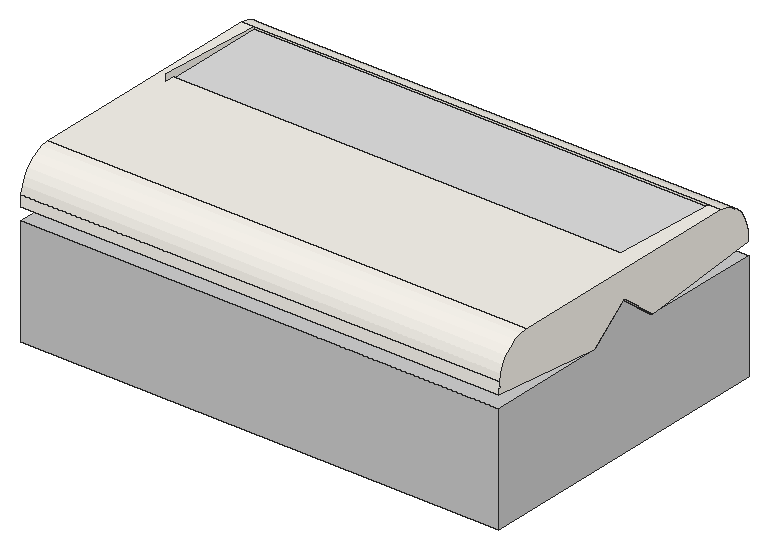
Revit family "Domotics-DomesticRanges-GEWISS-CHORUS_COMMAND-PUSH-BUTTON_NAME_PLATE", category Apparecchi elettrici, host Superficie, Revit 2016
Family settings
  Host = Superficie
  Mantenere orientamento annotazione = Sì
  Tipo di parte = Normale
  Quota connettore circolare = Usa diametro
  Numero OmniClass = 23.80.50.11.14
  Titolo OmniClass = Switches
  Taglio con vuoti quando caricato = Sì
  Condiviso = Sì
  Punto di calcolo locali = Sì
Parameters (values of type "GW14192 - Titanium")
  Wiring terminals = "With screw"
  Voltage: = "250 V ac"
  Voltage = "250 V ac"
  Vista di pianta [instance] = yes
  Version file RFA = "19.0"
  URL = "https://www.gewiss.com/ww/en"
  Type of lamp = "Cartridge lamp S6x36 mm"
  Type = "Name plate"
  Tipo_ = CHORUS PULSANTI TARGA_BASE : GW14192 - Titanio
  Thermo-pressure with ball = "125 °C"
  Terminal tightening capacity rigid cables (mm2) = "min. 0,5 - max. 2x2,5"
  Terminal tightening capacity flexible cables (mm2) = "min. 0,75 - max. 2x4"
  Terminal grip on cable traction = "> 50 N"
  Technical sheet = "https://www.gewiss.com/ww/en/search?q=GW14192"
  Standard; = "EN 60669-1"
  Simbolo_ = SIMBOLO PULSANTI : TARGA
  SIMBOLO [instance] = yes
  SEO = "Push button"
  Resistance at test voltage = "2000 V at 50 Hz for 1 minute"
  Realized by GEWISS S.p.A. = ""
  Prolonged operation (no.of position changes) = "40.000 at In 250 V ac cosØ=0,6"
  Produttore = "GEWISS S.p.A."
  Offset pulsante [instance] = 0 mm
  Offset bidimensionale [instance] = 2 mm
  Number of poles = "1P"
  No. Chorus modules = "3"
  Modello = "GW14192"
  Larghezza pulsante = 69 mm
  Lamp voltage = "12-24V ac/dc"
  Lamp power = "2W"
  Lamp = "Cartridge lamp S6x36 mm"
  Insulation resistance = "> 5 MOhm"
  IFC.TypeObject = ""
  IFC.ExportType = ""
  IFC.ExportAs = ""
  IDT = "4d45e74e-bdba-4c35-a76a-27be025ff1c1"
  IDF = "576d2641-8241-4a29-981e-e24c3ef499ec"
  Glow Wire Test = "850°C"
  Electrocod = "0130"
  EAN code = "8011564266230"
  Distanza_effettiva_x [instance] = 1500 mm - Distanza_x  # 1500 mm
  Distanza_x [instance] = 0 mm
  Default Elevation = 1219.2 mm
  Immagine tipo = GW14192.jpg
  Descrizione = "P-BUTTON 3M 1P NO 10A ILL NAME PLATE T"
  Description: = "1P NO - 10A"
  Colour = "Titanium"
  Category = "Push-button with name plate"
  Catalogue Range = "CHORUS - DOMESTIC RANGE"
  Catalogue = "DOMOTICS"
  COBie.Tagnumber = ""
  COBie.CreatedOn = ""
  COBie.CreatebBy = ""
  COBie.ComponentRegisterItemID = ""
  COBie.Component.TagNumber = ""
  COBie.Component.Space = ""
  COBie.Component.SerialNumber = ""
  COBie.Component.InstallationDate = ""
  COBie.Component.Description = ""
  COBie.Component.BarCode = ""
  Breaking capacity: = "1.25 In (200 position changes)"
  Bidimensionale = bidimensionale pulsanti TARGA : TRIPLO
Types (6, lengths in mm): name | Tipo_ | Technical sheet | No. Chorus modules | Modello | IDT | EAN code | Immagine tipo | Descrizione | Colour | Bidimensionale
  GW10191 - White | CHORUS PULSANTI TARGA_BASE : GW10191 - Bianco | "https://www.gewiss.com/ww/en/search?q=GW10191" | "2" | "GW10191" | "cf4b543f-4d42-4dc6-a2da-1c81a8c1d641" | "8011564261884" | GW10191.jpg | "P-BUTTON 2M 1P NO 10A ILL NAME PL. WHITE" | "White" | bidimensionale pulsanti TARGA : DOPPIO
  GW10192 - White | CHORUS PULSANTI TARGA_BASE : GW10192 - Bianco | "https://www.gewiss.com/ww/en/search?q=GW10192" | "3" | "GW10192" | "d87ec08b-0aef-4252-b7c2-bf28b15dd251" | "8011564261907" | GW10192.jpg | "P-BUTTON 3M 1P NO 10A ILL NAME PL. WHITE" | "White" | bidimensionale pulsanti TARGA : TRIPLO
  GW12191 - Black | CHORUS PULSANTI TARGA_BASE : GW12191 - Nero | "https://www.gewiss.com/ww/en/search?q=GW12191" | "2" | "GW12191" | "2064c775-bf20-4fdb-8cf1-1a2de06afac5" | "8011564269491" | GW12191.jpg | "P-BUTTON 2M 1P NO 10A ILL NAME PL. BLACK" | "Black" | bidimensionale pulsanti TARGA : DOPPIO
  GW12192 - Black | CHORUS PULSANTI TARGA_BASE : GW12192 - Nero | "https://www.gewiss.com/ww/en/search?q=GW12192" | "3" | "GW12192" | "d7cf14fd-9ad2-4865-98b5-a72540c7db07" | "8011564268890" | GW12192.jpg | "P-BUTTON 3M 1P NO 10A ILL NAME PL. BLACK" | "Black" | bidimensionale pulsanti TARGA : TRIPLO
  GW14191 - Titanium | CHORUS PULSANTI TARGA_BASE : GW14191 - Titanio | "https://www.gewiss.com/ww/en/search?q=GW14191" | "2" | "GW14191" | "28920d99-df12-4253-8e45-4bcfa3eb90c2" | "8011564266223" | GW14191.jpg | "P-BUTTON 2M 1P NO 10A ILL NAME PLATE T" | "Titanium" | bidimensionale pulsanti TARGA : DOPPIO
  GW14192 - Titanium | CHORUS PULSANTI TARGA_BASE : GW14192 - Titanio | "https://www.gewiss.com/ww/en/search?q=GW14192" | "3" | "GW14192" | "4d45e74e-bdba-4c35-a76a-27be025ff1c1" | "8011564266230" | GW14192.jpg | "P-BUTTON 3M 1P NO 10A ILL NAME PLATE T" | "Titanium" | bidimensionale pulsanti TARGA : TRIPLO
Reference planes
  plane 1 "Centro (Fronte/Retro)": y = 0
  plane 2: z = 0
  plane 3 "Centro (Sinistra/Destra)": x = 0
  plane 4: z = 0
  plane 5 "piano bidimensionale": z = 28
  plane 6: x = 0
  plane 7: x = -34.5
  plane 8: x = 34.5
  plane 9: z = 26
  plane 10: x = -1500
Lines and regions (mm)
  Masking region 1, visible <- "Vista di pianta"
    outline origin (0, 0, 0) x (1, 0, 0) y (0, 0, 1)
      loop
        line (-34.5, 26) -> (-34.5, 0) -> (34.5, 0) -> (34.5, 26) -> (-34.5, 26)
Dimensions and locks
  "Offset pulsante": plane 4 to host face
  equal spacing: plane 7, plane 3 "Centro (Sinistra/Destra)", plane 8
  "Larghezza pulsante": plane 7 to plane 8
  locked: plane 9 to plane 4 at 26
  "Distanza_effettiva_x": plane 10 to plane 6
  plane 10 to plane 3 "Centro (Sinistra/Destra)" = 1500 mm
  "Offset bidimensionale": plane 5 "piano bidimensionale" to plane 9
  aligned and locked: plane 2 to host face
  aligned and locked: level to host face
  aligned and locked: plane 3 "Centro (Sinistra/Destra)" to nested 1
  aligned and locked: plane 1 "Centro (Fronte/Retro)" to nested 2
  aligned and locked: nested 2 to plane 4
  aligned and locked: plane 5 "piano bidimensionale" to nested 1
  aligned and locked: plane 6 to nested 3
  aligned and locked: Masking region 1 sketch curve to plane 9
  aligned and locked: plane 7 to Masking region 1 sketch curve
  aligned and locked: plane 4 to Masking region 1 sketch curve
  aligned and locked: Masking region 1 sketch curve to nested 2
Automatic sketch dimensions
  host sketch curve to host sketch curve = 2438.4 mm  (x2)
Nested families
  nested 1: "bidimensionale pulsanti TARGA" at (0, 0, 28), type <- "Bidimensionale", type "TRIPLO", detail levels coarse
  nested 2: "CHORUS PULSANTI TARGA_BASE" at (0, 0, 0), type <- "Tipo_", type "GW14192 - Titanio"
  nested 3: "SIMBOLO PULSANTI" at (0, 412.908, 0), type <- "Simbolo_", SIMBOLO <- "SIMBOLO", type "TARGA"
    with TESTO ELETTRICO "", SIMBOLO yes, Distanza dal muro 2 mm, BORDO ACCESO yes
Connectors
  electrical at (0, 0, 0)
    settings: on nested 2, index 1, voltage 0 V, apparent load 0 VA, apparent load phase1 0 VA, apparent load phase2 0 VA, apparent load phase3 0 VA, power factor 1, load classification "Other", number of poles 1, system type 31, power factor state 1, is connector primary yes, connector utility no, sub classification motor no, connector description ""
Definition of nested family "CHORUS PULSANTI TARGA_BASE"
  Parameters (values of type "GW14192 - Titanio")
    Vetrino = none
    Supporto = none
    Pulsante = none
    Profondità suporto = 15.673 mm
    Larghezza pulsante = 69 mm
    Bidimensionale = 36.414 mm
    Altezza pulsante = 45 mm
  Types (6, lengths in mm): name | Larghezza pulsante
    GW12191 - Nero | 46
    GW12192 - Nero | 69
    GW14191 - Titanio | 46
    GW14192 - Titanio | 69
    GW10192 - Bianco | 69
    GW10191 - Bianco | 46
  Reference planes
    plane 1 "Centro (Fronte/Retro)": y = 0
    plane 2: z = 0
    plane 3 "Centro (Sinistra/Destra)": x = 0
    plane 4: y = -22.5
    plane 5: y = 22.5
    plane 6: x = -34.5
    plane 7: x = 34.5
    plane 8: z = 15.673
    plane 9 "PIANO BIDIMENSIONALE": z = 36.414
    plane 10: x = -32.824
    plane 11: x = 32.824
    plane 12: y = 1.676
    plane 13: y = 17.491
  Forms (mm)
    Extrusion 1, solid, material <- "Supporto", detail levels medium+fine
      sketch origin (0, 0, 0) x (0, 1, 0) y (0, 0, 1)
        loop
          line (-22.5, 0) -> (22.5, 0) -> (22.5, 15.673) -> (5, 15.673) -> (0, 19.673) -> (-5, 15.673) -> (-22.5, 15.673) -> (-22.5, 0)
      from -34.5 to 34.5
    Extrusion 2, solid, material <- "Pulsante", detail levels medium+fine
      sketch origin (0, 0, 0) x (0, 1, 0) y (0, 0, 1)
        loop
          line (-22.5, 17.474) -> (-5.362, 15.673) -> (0, 19.962) -> (5.362, 15.673) -> (22.5, 17.474) -> (22.34, 19)
          arc (22.34, 19) -> (20.777, 22.255) -> (17.507, 23.784) r 5.368
          arc (17.507, 23.784) -> (0, 24.611) -> (-17.507, 23.784) r 185.543
          arc (-17.507, 23.784) -> (-20.777, 22.255) -> (-22.34, 19) r 5.368
          line (-22.34, 19) -> (-22.5, 17.474)
      from -34.5 to 34.5
    Extrusion 3, solid, material <- "Pulsante", not visible, detail levels medium+fine
      sketch origin (11.5, 0, 0) x (0, 1, 0) y (0, 0, 1)
        loop
          line (-22.5, 15.673) -> (-5.8, 15.673) -> (0, 20.313) -> (6.657, 17.02) -> (22.519, 20.482) -> (22.148, 22.183)
          arc (22.148, 22.183) -> (19.948, 25.458) -> (16.125, 26.433) r 5.53
          arc (16.125, 26.433) -> (-1.159, 25.53) -> (-18.194, 22.47) r 137.99
          arc (-18.194, 22.47) -> (-21.286, 20.607) -> (-22.5, 17.207) r 5.368
          line (-22.5, 17.207) -> (-22.5, 15.673)
      from -23 to 23
    Extrusion 4, void, not visible, detail levels medium+fine
      sketch origin (11.5, 0, 0) x (0, 1, 0) y (0, 0, 1)
        loop
          arc (-20, 19.947) -> (-16.844, 20.738) -> (-13.67, 21.455) r 135.99
          line (-13.67, 21.455) -> (-13.67, 23.499)
          arc (-13.67, 23.499) -> (-15.936, 23.003) -> (-18.194, 22.47) r 137.99
          arc (-18.194, 22.47) -> (-19.13, 22.19) -> (-20, 21.745) r 5.368
          line (-20, 21.745) -> (-20, 19.947)
      from 15.279 to 21.613
    Extrusion 5, solid, material <- "Pulsante", not visible, detail levels medium+fine
      sketch origin (0, -125, 0) x (0, 1, 0) y (0, 0, 1)
        loop
          line (-22.5, 15.673) -> (-5.8, 15.673) -> (0, 20.313) -> (6.657, 17.02) -> (22.519, 20.482) -> (22.148, 22.183)
          arc (22.148, 22.183) -> (19.948, 25.458) -> (16.125, 26.433) r 5.53
          arc (16.125, 26.433) -> (-1.159, 25.53) -> (-18.194, 22.47) r 137.99
          arc (-18.194, 22.47) -> (-21.286, 20.607) -> (-22.5, 17.207) r 5.368
          line (-22.5, 17.207) -> (-22.5, 15.673)
      from -23 to 23
    Extrusion 6, void, not visible
      sketch origin (0, -125, 0) x (0, 1, 0) y (0, 0, 1)
        loop
          arc (-6.8, 24.76) -> (-12.521, 23.735) -> (-18.194, 22.47) r 137.99
          arc (-18.194, 22.47) -> (-19.13, 22.19) -> (-20, 21.745) r 5.368
          line (-20, 21.745) -> (-20, 19.947)
          arc (-20, 19.947) -> (-13.435, 21.505) -> (-6.8, 22.735) r 135.99
          line (-6.8, 22.735) -> (-6.8, 24.76)
      from 16.9 to 19.6
    Extrusion 7, solid, material <- "Vetrino", not visible, detail levels medium+fine
      sketch origin (11.5, -125, 0) x (0, 1, 0) y (0, 0, 1)
        loop
          arc (-20, 19.947) -> (-13.435, 21.505) -> (-6.8, 22.735) r 135.99
          line (-6.8, 22.735) -> (-6.8, 23.748)
          arc (-6.8, 23.748) -> (-13.434, 22.527) -> (-20, 20.98) r 136.99
          line (-20, 20.98) -> (-20, 19.947)
      from 5.4 to 8.1
    Extrusion 8, void
      sketch origin (0, 0, 36.414) x (-1, 0, 0) y (0, -1, 0)
        loop
          line (32.824, -17.491) -> (32.824, -1.676) -> (-32.824, -1.676) -> (-32.824, -17.491) -> (32.824, -17.491)
      from -15.075 to -9.852
    Extrusion 9, solid, material <- "Vetrino", detail levels medium+fine
      sketch origin (0, 0, 36.414) x (-1, 0, 0) y (0, -1, 0)
        loop
          line (32.824, -17.491) -> (32.824, -1.676) -> (-32.824, -1.676) -> (-32.824, -17.491) -> (32.824, -17.491)
      from -15.075 to -12.865
  Cuts and joins
    Extrusion 8 cuts Extrusion 2
  Lines and regions (mm)
    Masking region 1
      outline origin (0, 0, 36.414) x (-1, 0, 0) y (0, -1, 0)
        loop
          line (34.5, -22.5) -> (34.5, 22.5) -> (-34.5, 22.5) -> (-34.5, -22.5) -> (34.5, -22.5)
    Masking region 2, not visible
      outline origin (40.306, 0, 36.4) x (-1, 0, 0) y (0, -1, 0)
        loop
          line (63.306, -22.5) -> (63.306, 22.5) -> (17.306, 22.5) -> (17.306, -22.5) -> (63.306, -22.5)
        loop
          line (23.406, 6.8) -> (23.406, 20) -> (20.706, 20) -> (20.706, 6.8) -> (23.406, 6.8)
    Masking region 3, not visible
      outline origin (40.306, 0, 36.4) x (-1, 0, 0) y (0, -1, 0)
        loop
          line (23.406, 6.8) -> (23.406, 20) -> (20.706, 20) -> (20.706, 6.8) -> (23.406, 6.8)
    Masking region 4, not visible
      outline origin (0, 0, 36.4) x (-1, 0, 0) y (0, -1, 0)
        loop
          line (63.306, -22.5) -> (63.306, 22.5) -> (17.306, 22.5) -> (17.306, -22.5) -> (63.306, -22.5)
        loop
          line (25.028, 13.67) -> (25.028, 20) -> (18.693, 20) -> (18.693, 13.67) -> (25.028, 13.67)
    Masking region 5, not visible
      outline origin (11.5, 0, 36.4) x (-1, 0, 0) y (0, -1, 0)
        loop
          line (36.528, 13.67) -> (36.528, 20.004) -> (30.193, 20.004) -> (30.193, 13.67) -> (36.528, 13.67)
    Masking region 6
      outline origin (0, 0, 36.414) x (-1, 0, 0) y (0, -1, 0)
        loop
          line (34.5, -22.5) -> (34.5, 22.5) -> (-34.5, 22.5) -> (-34.5, -22.5) -> (34.5, -22.5)
        loop
          line (32.824, -17.491) -> (32.824, -1.676) -> (-32.824, -1.676) -> (-32.824, -17.491) -> (32.824, -17.491)
    Masking region 7
      outline origin (0, 0, 36.414) x (-1, 0, 0) y (0, -1, 0)
        loop
          line (32.824, -17.507) -> (32.824, -1.676) -> (-32.824, -1.676) -> (-32.824, -17.507) -> (32.824, -17.507)
  Dimensions and locks
    equal spacing: plane 4, plane 1 "Centro (Fronte/Retro)", plane 5
    plane 4 to plane 5 = 45 mm
    equal spacing: plane 6, plane 3 "Centro (Sinistra/Destra)", plane 7
    "Larghezza pulsante": plane 6 to plane 7
    equal spacing: plane 5, plane 1 "Centro (Fronte/Retro)", plane 4
    "Altezza pulsante": plane 5 to plane 4
    "Profondità suporto": plane 8 to plane 2
    "Bidimensionale": plane 9 "PIANO BIDIMENSIONALE" to level
    equal spacing: plane 10, plane 3 "Centro (Sinistra/Destra)", plane 11
    locked: plane 5 to plane 13 at 5.009
    locked: plane 6 to plane 10 at 1.676
    aligned and locked: level to plane 2
    aligned and locked: Extrusion 1 sketch curve to plane 4
    aligned and locked: plane 5 to Extrusion 1 sketch curve
    aligned and locked: Extrusion 1 sketch curve to plane 2
    aligned and locked: Extrusion 1 to plane 6
    aligned and locked: plane 7 to Extrusion 1
    aligned and locked: Masking region 1 sketch curve to Extrusion 1  (x3)
    aligned and locked: Masking region 4 to Masking region 5
    aligned and locked: Masking region 3 to Masking region 2  (x2)
    aligned and locked: Extrusion 2 to plane 6
    aligned and locked: plane 7 to Extrusion 2
    aligned and locked: Extrusion 9 sketch curve to cut or joined group of Extrusion 2, Extrusion 8  (x4)
    aligned and locked: Extrusion 9 to cut or joined group of Extrusion 2, Extrusion 8
    aligned and locked: Masking region 6 sketch curve to Extrusion 1  (x4)
    aligned and locked: Masking region 6 sketch curve to cut or joined group of Extrusion 2, Extrusion 8  (x4)
    aligned and locked: Masking region 7 sketch curve to cut or joined group of Extrusion 2, Extrusion 8  (x4)
  Automatic sketch dimensions
    Masking region 2 sketch curve to Masking region 2 sketch curve = 3.4 mm
    Masking region 2 sketch curve to Masking region 2 sketch curve = 2.7 mm
    Masking region 3 sketch curve to Masking region 3 sketch curve = 2.7 mm
    Masking region 2 sketch curve to Masking region 2 sketch curve = 46 mm
    Masking region 2 sketch curve to Masking region 2 sketch curve = 29.3 mm
    Masking region 2 sketch curve to Masking region 2 sketch curve = 13.2 mm
    Masking region 2 sketch curve to Masking region 2 sketch curve = 2.5 mm
    Masking region 3 sketch curve to Masking region 3 sketch curve = 13.2 mm
    Masking region 4 sketch curve to Masking region 4 sketch curve = 1.387 mm
    Masking region 4 sketch curve to Masking region 4 sketch curve = 6.335 mm
    Masking region 4 sketch curve to Masking region 4 sketch curve = 46 mm
    Masking region 5 sketch curve to Masking region 5 sketch curve = 6.335 mm  (x2)
    Masking region 4 sketch curve to Masking region 4 sketch curve = 36.17 mm
    Masking region 4 sketch curve to Masking region 4 sketch curve = 6.33 mm
    Masking region 4 sketch curve to Masking region 4 sketch curve = 2.5 mm
    plane 8 to Extrusion 1 sketch curve = 0 mm  (x2)
    Extrusion 1 sketch curve to plane 1 "Centro (Fronte/Retro)" = 0 mm
    Extrusion 1 sketch curve to plane 1 "Centro (Fronte/Retro)" = 5 mm
    Extrusion 1 sketch curve to plane 8 = 4 mm
    Extrusion 3 sketch curve to Extrusion 3 sketch curve = 1.243 mm
    Extrusion 4 sketch curve to Extrusion 4 sketch curve = 1.754 mm
    Extrusion 4 sketch curve to Extrusion 4 sketch curve = 0 mm  (x4)
    Extrusion 3 sketch curve to Extrusion 3 sketch curve = 5.368 mm
    Extrusion 3 sketch curve to Extrusion 3 sketch curve = 11.331 mm
    Extrusion 3 sketch curve to Extrusion 3 sketch curve = 5.8 mm
    Extrusion 3 sketch curve to Extrusion 3 sketch curve = 6.657 mm
    Extrusion 3 sketch curve to Extrusion 3 sketch curve = 8.016 mm
    Extrusion 3 sketch curve to Extrusion 3 sketch curve = 10.103 mm
    Extrusion 3 sketch curve to Extrusion 3 sketch curve = 5.388 mm
    Extrusion 3 sketch curve to Extrusion 3 sketch curve = 0.371 mm
    Extrusion 3 sketch curve to Extrusion 3 sketch curve = 127.222 mm
    Extrusion 3 sketch curve to Extrusion 3 sketch curve = 1.347 mm
    Extrusion 3 sketch curve to Extrusion 3 sketch curve = 1.535 mm
    Extrusion 3 sketch curve to Extrusion 3 sketch curve = 3.293 mm
    Extrusion 3 sketch curve to Extrusion 3 sketch curve = 3.462 mm
    Extrusion 3 sketch curve to Extrusion 3 sketch curve = 1.062 mm
    Extrusion 4 sketch curve to Extrusion 4 sketch curve = 2.868 mm
    Extrusion 4 sketch curve to Extrusion 4 sketch curve = 6.33 mm
    Extrusion 4 sketch curve to Extrusion 4 sketch curve = 31.805 mm
    Extrusion 4 sketch curve to Extrusion 4 sketch curve = 128.756 mm
    Extrusion 4 sketch curve to Extrusion 4 sketch curve = 2.739 mm
    Extrusion 4 sketch curve to Extrusion 4 sketch curve = 1.799 mm
    Extrusion 5 sketch curve to Extrusion 5 sketch curve = 1.243 mm
    Extrusion 7 sketch curve to Extrusion 7 sketch curve = 1.013 mm
    Extrusion 7 sketch curve to Extrusion 7 sketch curve = 0 mm  (x4)
    Extrusion 5 sketch curve to Extrusion 5 sketch curve = 5.368 mm
    Extrusion 5 sketch curve to Extrusion 5 sketch curve = 11.331 mm
    Extrusion 5 sketch curve to Extrusion 5 sketch curve = 5.8 mm
    Extrusion 5 sketch curve to Extrusion 5 sketch curve = 6.657 mm
    Extrusion 5 sketch curve to Extrusion 5 sketch curve = 8.016 mm
    Extrusion 5 sketch curve to Extrusion 5 sketch curve = 10.103 mm
    Extrusion 5 sketch curve to Extrusion 5 sketch curve = 5.388 mm
    Extrusion 5 sketch curve to Extrusion 5 sketch curve = 0.371 mm
    Extrusion 5 sketch curve to Extrusion 5 sketch curve = 127.222 mm
    Extrusion 5 sketch curve to Extrusion 5 sketch curve = 1.347 mm
    Extrusion 5 sketch curve to Extrusion 5 sketch curve = 1.535 mm
    Extrusion 5 sketch curve to Extrusion 5 sketch curve = 3.293 mm
    Extrusion 5 sketch curve to Extrusion 5 sketch curve = 3.462 mm
    Extrusion 5 sketch curve to Extrusion 5 sketch curve = 1.062 mm
    Extrusion 7 sketch curve to Extrusion 7 sketch curve = 13.2 mm
    Extrusion 7 sketch curve to Extrusion 7 sketch curve = 34.673 mm
    Extrusion 7 sketch curve to Extrusion 7 sketch curve = 131.496 mm
    Extrusion 6 sketch curve to Extrusion 6 sketch curve = 0 mm  (x4)
    Extrusion 6 sketch curve to Extrusion 6 sketch curve = 2.739 mm
    Extrusion 6 sketch curve to Extrusion 6 sketch curve = 1.799 mm
    Extrusion 6 sketch curve to Extrusion 6 sketch curve = 2.025 mm
    Extrusion 6 sketch curve to Extrusion 6 sketch curve = 2.868 mm
    Extrusion 6 sketch curve to Extrusion 6 sketch curve = 10.332 mm
    Extrusion 6 sketch curve to Extrusion 6 sketch curve = 31.805 mm
    Extrusion 6 sketch curve to Extrusion 6 sketch curve = 128.756 mm
    plane 1 "Centro (Fronte/Retro)" to Extrusion 1 sketch curve = 5 mm
    Masking region 1 sketch curve to plane 7 = 0 mm
    Extrusion 8 sketch curve to plane 11 = 0 mm
    Extrusion 8 sketch curve to plane 10 = 0 mm
    Extrusion 8 sketch curve to plane 13 = 0 mm
    plane 12 to Extrusion 8 sketch curve = 0 mm
    Extrusion 2 sketch curve to plane 4 = 0 mm
    plane 8 to Extrusion 2 sketch curve = 0 mm  (x2)
    Extrusion 2 sketch curve to plane 1 "Centro (Fronte/Retro)" = 0 mm  (x2)
    Extrusion 2 sketch curve to plane 5 = 0 mm
    plane 4 to Extrusion 2 sketch curve = 0.16 mm
    Extrusion 2 sketch curve to plane 8 = 2.767 mm  (x2)
    Extrusion 2 sketch curve to Extrusion 2 sketch curve = 5.339 mm
    plane 1 "Centro (Fronte/Retro)" to Extrusion 2 sketch curve = 5.362 mm
    Extrusion 2 sketch curve to plane 12 = 3.686 mm
    Extrusion 2 sketch curve to plane 13 = 0.49 mm
    Extrusion 2 sketch curve to plane 5 = 0.16 mm
    Extrusion 2 sketch curve to level = 160.931 mm
    Extrusion 2 sketch curve to plane 8 = 1.801 mm  (x2)
    Extrusion 2 sketch curve to plane 8 = 4.29 mm
    Extrusion 2 sketch curve to Extrusion 2 sketch curve = 0 mm
Definition of nested family "bidimensionale pulsanti TARGA"
  Parameters (values of type "DOPPIO")
    Larghezza pulsante = 46 mm
  Types (2, lengths in mm): name | Larghezza pulsante
    DOPPIO | 46
    TRIPLO | 69
  Reference planes
    plane 1 "Centro (Fronte/Retro)": y = 0
    plane 2: z = 0
    plane 3 "Centro (Sinistra/Destra)": x = 0
    plane 4: x = -23
    plane 5: x = 23
    plane 6: y = 22.5
    plane 7: y = -22.5
    plane 8: x = -21.324
    plane 9: x = 21.324
    plane 10: y = 17.491
    plane 11: y = 1.676
  Lines and regions (mm)
    model lines
      curve 1: line (-23, 22.5, 0) -> (23, 22.5, 0)
      curve 2: line (-23, -22.5, 0) -> (-23, 22.5, 0)
      curve 3: line (23, -22.5, 0) -> (-23, -22.5, 0)
      curve 4: line (23, 22.5, 0) -> (23, -22.5, 0)
      curve 5: line (-21.324, 17.491, 0) -> (21.324, 17.491, 0)
      curve 6: line (-21.324, 1.676, 0) -> (-21.324, 17.491, 0)
      curve 7: line (21.324, 1.676, 0) -> (-21.324, 1.676, 0)
      curve 8: line (21.324, 17.491, 0) -> (21.324, 1.676, 0)
  Dimensions and locks
    equal spacing: plane 4, plane 3 "Centro (Sinistra/Destra)", plane 5  (x2)
    plane 4 to plane 5 = 46 mm
    equal spacing: plane 6, plane 1 "Centro (Fronte/Retro)", plane 7
    "Larghezza pulsante": plane 4 to plane 5
    equal spacing: plane 8, plane 3 "Centro (Sinistra/Destra)", plane 9
    locked: plane 4 to plane 8 at 1.676
    locked: plane 10 to plane 6 at 5.009
    aligned and locked: level to plane 2
    aligned and locked: curve 1 to plane 6
    aligned and locked: plane 4 to curve 2
    aligned and locked: plane 7 to curve 3
    aligned and locked: curve 4 to plane 5
    aligned and locked: plane 10 to curve 5
    aligned and locked: plane 8 to curve 6
    aligned and locked: curve 7 to plane 11
    aligned and locked: curve 8 to plane 9
Definition of nested family "SIMBOLO PULSANTI"
  Parameters (values of type "PULSANTE")
    TESTO ELETTRICO [instance] = ""
    Simbolo = SIMBOLO PULSANTI_BASE : PULSANTE
    SIMBOLO [instance] = yes
    Distanza dal muro [instance] = 4.208 mm
    BORDO ACCESO [instance] = yes
  Types (8, lengths in mm): name | TESTO ELETTRICO | Simbolo
    PULSANTE | "" | SIMBOLO PULSANTI_BASE : PULSANTE
    PULSTIRANTE | "" | SIMBOLO PULSANTI_BASE : PULSTIRANTE
    PULSCHIAVE | "" | SIMBOLO PULSANTI_BASE : PULSCHIAVE
    TARGA | "" | SIMBOLO PULSANTI_BASE : TARGA
    RRNC | "A" | SIMBOLO PULSANTI_BASE : RRNC
    MARNO | "M" | SIMBOLO PULSANTI_BASE : MARNO
    LUM | "" | SIMBOLO PULSANTI_BASE : LUM
    DOPPIO | "" | SIMBOLO PULSANTI_BASE : DOPPIO
  Reference planes
    plane 1: y = 0
    plane 2: x = 0
  Lines and regions (mm)
    detail lines, visible <- "BORDO ACCESO", not visible
      curve 1: line (-2.25, 0.412, 0) -> (2.25, 0.412, 0)
      curve 2: line (2.25, 0.412, 0) -> (2.25, -5.588, 0)
      curve 3: line (2.25, -5.588, 0) -> (-2.25, -5.588, 0)
      curve 4: line (-2.25, -5.588, 0) -> (-2.25, 0.412, 0)
      curve 30: line (-1.85, 0.012, 0) -> (1.85, 0.012, 0)
      curve 31: line (1.85, 0.012, 0) -> (1.85, -5.188, 0)
      curve 32: line (1.85, -5.188, 0) -> (-1.85, -5.188, 0)
      curve 33: line (-1.85, -5.188, 0) -> (-1.85, 0.012, 0)
      curve 34: line (-2.25, 6, 0) -> (2.25, 6, 0)
      curve 35: line (2.25, 6, 0) -> (2.25, 0, 0)
      curve 36: line (2.25, 0, 0) -> (-2.25, 0, 0)
      curve 37: line (-2.25, 0, 0) -> (-2.25, 6, 0)
      curve 61: line (-1.85, 5.6, 0) -> (1.85, 5.6, 0)
      curve 62: line (1.85, 5.6, 0) -> (1.85, 0.4, 0)
      curve 63: line (1.85, 0.4, 0) -> (-1.85, 0.4, 0)
      curve 64: line (-1.85, 0.4, 0) -> (-1.85, 5.6, 0)
      curve 65: line (-2.443, 10.208, 0) -> (2.057, 10.208, 0)
      curve 66: line (2.057, 10.208, 0) -> (2.057, 4.208, 0)
      curve 67: line (2.057, 4.208, 0) -> (-2.443, 4.208, 0)
      curve 68: line (-2.443, 4.208, 0) -> (-2.443, 10.208, 0)
      curve 69: line (-2.043, 9.808, 0) -> (1.657, 9.808, 0)
      curve 70: line (1.657, 9.808, 0) -> (1.657, 4.608, 0)
      curve 71: line (1.657, 4.608, 0) -> (-2.043, 4.608, 0)
      curve 72: line (-2.043, 4.608, 0) -> (-2.043, 9.808, 0)
    detail lines, not visible
      curve 5: line (-9.473, -5.588, 0) -> (10.527, -5.588, 0)
      curve 6: circle (-0.56, -0.487, 0) r 0.969 normal (0, 0, 1)
      curve 7: line (-0.005, 0.306, 0) -> (0.852, 1.529, 0)
      curve 8: line (0.852, 1.529, 0) -> (1.529, 1.047, 0)
      curve 9: circle (-0.56, -315.487, 0) r 0.969 normal (0, 0, 1)
      curve 10: line (-0.005, -314.694, 0) -> (0.852, -313.471, 0)
      curve 11: line (0.852, -313.471, 0) -> (1.529, -313.953, 0)
      curve 12: line (-1.245, -314.803, 0) -> (0.124, -316.172, 0)
      curve 13: line (0.124, -314.803, 0) -> (-1.245, -316.172, 0)
      curve 14: circle (-0.56, -480.487, 0) r 0.969 normal (0, 0, 1)
      curve 15: line (-0.005, -479.694, 0) -> (0.852, -478.471, 0)
      curve 16: line (0.852, -478.471, 0) -> (1.529, -478.953, 0)
      curve 17: line (0.493, -478.983, 0) -> (1.167, -479.462, 0)
      curve 18: circle (-0.56, -880.487, 0) r 0.969 normal (0, 0, 1)
      curve 19: line (-0.005, -879.694, 0) -> (0.852, -878.471, 0)
      curve 20: line (0.852, -878.471, 0) -> (1.529, -878.953, 0)
      curve 21: line (-1.245, -879.803, 0) -> (0.124, -881.172, 0)
      curve 22: line (0.124, -879.803, 0) -> (-1.245, -881.172, 0)
      curve 23: line (0.493, -878.983, 0) -> (1.167, -879.462, 0)
      curve 24: circle (-0.56, -365.487, 0) r 0.969 normal (0, 0, 1)
      curve 25: line (-0.005, -364.694, 0) -> (0.852, -363.471, 0)
      curve 26: line (0.852, -363.471, 0) -> (1.529, -363.953, 0)
      curve 27: line (-0.56, -364.925, 0) -> (-0.56, -366.05, 0)
      curve 28: line (0.493, -363.983, 0) -> (1.167, -364.462, 0)
      curve 29: line (0, 3.621, 0) -> (0, -16.379, 0)
      curve 38: circle (-0.56, 2.417, 0) r 0.969 normal (0, 0, 1)
      curve 39: line (-0.005, 3.21, 0) -> (0.852, 4.433, 0)
      curve 40: line (0.852, 4.433, 0) -> (1.529, 3.951, 0)
      curve 41: circle (-0.56, 2.417, 0) r 0.969 normal (0, 0, 1)
      curve 42: line (-0.005, 3.21, 0) -> (0.852, 4.433, 0)
      curve 43: line (0.852, 4.433, 0) -> (1.529, 3.951, 0)
      curve 44: line (-1.245, 3.102, 0) -> (0.124, 1.732, 0)
      curve 45: line (0.124, 3.102, 0) -> (-1.245, 1.732, 0)
      curve 46: circle (-0.56, 2.417, 0) r 0.969 normal (0, 0, 1)
      curve 47: line (-0.005, 3.21, 0) -> (0.852, 4.433, 0)
      curve 48: line (0.852, 4.433, 0) -> (1.529, 3.951, 0)
      curve 49: circle (-0.56, 2.417, 0) r 0.969 normal (0, 0, 1)
      curve 50: line (-0.005, 3.21, 0) -> (0.852, 4.433, 0)
      curve 51: line (0.852, 4.433, 0) -> (1.529, 3.951, 0)
      curve 52: line (-1.245, 3.102, 0) -> (0.124, 1.732, 0)
      curve 53: line (0.124, 3.102, 0) -> (-1.245, 1.732, 0)
      curve 54: line (0.493, 3.921, 0) -> (1.167, 3.442, 0)
      curve 55: line (0.493, 3.921, 0) -> (1.167, 3.442, 0)
      curve 56: circle (-0.56, 2.417, 0) r 0.969 normal (0, 0, 1)
      curve 57: line (-0.005, 3.21, 0) -> (0.852, 4.433, 0)
      curve 58: line (0.852, 4.433, 0) -> (1.529, 3.951, 0)
      curve 59: line (-0.56, 2.979, 0) -> (-0.56, 1.854, 0)
      curve 60: line (0.493, 3.921, 0) -> (1.167, 3.442, 0)
      curve 73: line (-1.644, 2.848, 0) -> (1.644, 2.848, 0)
      curve 74: line (-1.644, 0.61, 0) -> (-1.644, 2.848, 0)
      curve 75: line (1.644, 0.61, 0) -> (-1.644, 0.61, 0)
      curve 76: line (1.644, 2.848, 0) -> (1.644, 0.61, 0)
      curve 77: line (-1.325, 0.987, 0) -> (1.325, 0.987, 0)
      curve 78: circle (0, 1.912, 0) r 0.5 normal (0, 0, 1)
      curve 79: circle (0, 1.912, 0) r 0.8 normal (0, 0, 1)
      curve 80: line (-1.325, 0.987, 0) -> (1.325, 0.987, 0)
      curve 81: line (-0.354, 2.265, 0) -> (0.354, 1.558, 0)
      curve 82: line (0.354, 2.265, 0) -> (-0.354, 1.558, 0)
  Dimensions and locks
    "Distanza dal muro": plane 1 to nested 1
    aligned and locked: curve 5 to curve 3
    aligned and locked: plane 2 to nested 1
  Nested families
    nested 1: "SIMBOLO PULSANTI_BASE" at (0, 4.208, 0), BORDO ACCESO <- "BORDO ACCESO", type <- "Simbolo", TESTO ELETTRICO <- "TESTO ELETTRICO", visible <- "SIMBOLO", type "PULSANTE"
      with TESTO ELETTRICO "", BORDO ACCESO yes
  Definition of nested family "SIMBOLO PULSANTI_BASE"
    Parameters (values of type "RRNC")
      TEXT = yes
      TESTO ELETTRICO [instance] = ""
      TARGA = no
      PULSANTECHIAVE = no
      PULSTIRANTE = no
      PULSANTE = yes
      LUM = no
      DOPPIO = no
      BORDO ACCESO [instance] = yes
    Types (8, lengths in mm): name | TEXT | TARGA | PULSANTECHIAVE | PULSTIRANTE | PULSANTE | LUM | DOPPIO
      PULSANTE | no | no | no | no | yes | no | no
      PULSTIRANTE | no | no | no | yes | yes | no | no
      PULSCHIAVE | no | no | yes | no | yes | no | no
      TARGA | no | yes | no | no | no | no | no
      RRNC | yes | no | no | no | yes | no | no
      MARNO | yes | no | no | no | yes | no | no
      LUM | no | no | no | no | no | yes | no
      DOPPIO | no | no | no | no | no | no | yes
    Reference planes
      plane 1: y = 0
      plane 2: x = 0
    Lines and regions (mm)
      detail lines, visible <- "PULSANTE"
        curve 1: circle (0, 1.258, 0) r 0.527 normal (0, 0, 1)
        curve 11: circle (0, 1.258, 0) r 0.394 normal (0, 0, 1)
      detail lines, visible <- "BORDO ACCESO", not visible
        curve 2: line (-1.943, 9.208, 0) -> (1.857, 9.208, 0)
        curve 3: line (1.857, 9.208, 0) -> (1.857, 4.208, 0)
        curve 4: line (1.857, 4.208, 0) -> (-1.943, 4.208, 0)
        curve 5: line (-1.943, 4.208, 0) -> (-1.943, 9.208, 0)
        curve 6: line (-1.743, 9.008, 0) -> (1.657, 9.008, 0)
        curve 7: line (1.657, 9.008, 0) -> (1.657, 4.408, 0)
        curve 8: line (1.657, 4.408, 0) -> (-1.743, 4.408, 0)
        curve 9: line (-1.743, 4.408, 0) -> (-1.743, 9.008, 0)
      detail lines, visible <- "PULSANTECHIAVE"
        curve 10: line (0, 1.559, 0) -> (0, 0.929, 0)
      detail lines, visible <- "PULSTIRANTE"
        curve 12: line (0, 0.732, 0) -> (0, 0.441, 0)
        curve 13: line (-0.162, 0.441, 0) -> (0.162, 0.441, 0)
        curve 14: line (-0.162, 0.441, 0) -> (0, 0.16, 0)
        curve 15: line (0, 0.16, 0) -> (0.162, 0.441, 0)
      detail lines, visible <- "TARGA"
        curve 16: line (-0.866, 1.843, 0) -> (0.866, 1.843, 0)
        curve 17: line (-0.866, 0.665, 0) -> (-0.866, 1.843, 0)
        curve 18: line (0.866, 0.665, 0) -> (-0.866, 0.665, 0)
        curve 19: line (0.866, 1.843, 0) -> (0.866, 0.665, 0)
        curve 20: line (-0.698, 0.863, 0) -> (0.698, 0.863, 0)
        curve 21: circle (0, 1.35, 0) r 0.263 normal (0, 0, 1)
        curve 22: circle (0, 1.35, 0) r 0.421 normal (0, 0, 1)
        curve 23: line (-0.698, 0.863, 0) -> (0.698, 0.863, 0)
        curve 24: line (-0.186, 1.536, 0) -> (0.186, 1.164, 0)
        curve 25: line (0.186, 1.536, 0) -> (-0.186, 1.164, 0)
      detail lines, visible <- "TARGA", not visible
        curve 26: line (-1.644, 2.848, 0) -> (1.644, 2.848, 0)
        curve 27: line (-1.644, 0.61, 0) -> (-1.644, 2.848, 0)
        curve 28: line (1.644, 0.61, 0) -> (-1.644, 0.61, 0)
        curve 29: line (1.644, 2.848, 0) -> (1.644, 0.61, 0)
        curve 30: line (-1.325, 0.987, 0) -> (1.325, 0.987, 0)
        curve 31: circle (0, 1.912, 0) r 0.5 normal (0, 0, 1)
        curve 32: circle (0, 1.912, 0) r 0.8 normal (0, 0, 1)
        curve 33: line (-1.325, 0.987, 0) -> (1.325, 0.987, 0)
        curve 34: line (-0.354, 2.265, 0) -> (0.354, 1.558, 0)
        curve 35: line (0.354, 2.265, 0) -> (-0.354, 1.558, 0)
        curve 59: line (-0.866, 3.093, 0) -> (0.866, 3.093, 0)
        curve 60: line (-0.866, 1.915, 0) -> (-0.866, 3.093, 0)
        curve 61: line (0.866, 1.915, 0) -> (-0.866, 1.915, 0)
        curve 62: line (0.866, 3.093, 0) -> (0.866, 1.915, 0)
        curve 63: line (-0.698, 2.113, 0) -> (0.698, 2.113, 0)
        curve 64: circle (0, 2.6, 0) r 0.263 normal (0, 0, 1)
        curve 65: circle (0, 2.6, 0) r 0.421 normal (0, 0, 1)
        curve 66: line (-0.698, 2.113, 0) -> (0.698, 2.113, 0)
        curve 67: line (-0.186, 2.786, 0) -> (0.186, 2.414, 0)
        curve 68: line (0.186, 2.786, 0) -> (-0.186, 2.414, 0)
      detail lines, visible <- "LUM"
        curve 36: circle (0, 1.258, 0) r 0.527 normal (0, 0, 1)
        curve 37: circle (0, 1.258, 0) r 0.394 normal (0, 0, 1)
        curve 38: line (0.279, 0.979, 0) -> (-0.279, 1.537, 0)
        curve 39: line (-0.279, 0.979, 0) -> (0.279, 1.537, 0)
      detail lines, visible <- "LUM", not visible
        curve 40: circle (0, -4.588, 0) r 1 normal (0, 0, 1)
        curve 41: circle (0, -4.588, 0) r 0.749 normal (0, 0, 1)
        curve 42: line (0.53, -5.117, 0) -> (-0.53, -4.058, 0)
        curve 43: line (-0.53, -5.117, 0) -> (0.53, -4.058, 0)
        curve 69: circle (0, 2.508, 0) r 0.527 normal (0, 0, 1)
        curve 70: circle (0, 2.508, 0) r 0.394 normal (0, 0, 1)
        curve 71: line (0.279, 2.229, 0) -> (-0.279, 2.787, 0)
        curve 72: line (-0.279, 2.229, 0) -> (0.279, 2.787, 0)
      detail lines, visible <- "DOPPIO"
        curve 44: circle (0, 1.785, 0) r 0.527 normal (0, 0, 1)
        curve 45: circle (0, 1.785, 0) r 0.394 normal (0, 0, 1)
        curve 46: circle (0, 0.732, 0) r 0.527 normal (0, 0, 1)
        curve 47: circle (0, 0.732, 0) r 0.394 normal (0, 0, 1)
      detail lines, visible <- "DOPPIO", not visible
        curve 48: circle (0, -6.992, 0) r 1 normal (0, 0, 1)
        curve 49: circle (0, -6.992, 0) r 0.749 normal (0, 0, 1)
        curve 50: circle (0, -8.992, 0) r 1 normal (0, 0, 1)
        curve 51: circle (0, -8.992, 0) r 0.749 normal (0, 0, 1)
        curve 73: circle (0, 3.035, 0) r 0.527 normal (0, 0, 1)
        curve 74: circle (0, 3.035, 0) r 0.394 normal (0, 0, 1)
        curve 75: circle (0, 1.982, 0) r 0.527 normal (0, 0, 1)
        curve 76: circle (0, 1.982, 0) r 0.394 normal (0, 0, 1)
      detail lines, visible <- "PULSANTE", not visible
        curve 52: circle (0, 2.508, 0) r 0.527 normal (0, 0, 1)
        curve 54: circle (0, 2.508, 0) r 0.394 normal (0, 0, 1)
      detail lines, visible <- "PULSANTECHIAVE", not visible
        curve 53: line (0, 2.809, 0) -> (0, 2.179, 0)
      detail lines, visible <- "PULSTIRANTE", not visible
        curve 55: line (0, 1.982, 0) -> (0, 1.691, 0)
        curve 56: line (-0.162, 1.691, 0) -> (0.162, 1.691, 0)
        curve 57: line (-0.162, 1.691, 0) -> (0, 1.41, 0)
        curve 58: line (0, 1.41, 0) -> (0.162, 1.691, 0)
    Text (mm)
      label "TXT" at (0.016, 1.223, 0), shows "TESTO ELETTRICO", visible <- "TEXT"
      label "TXT" at (0.016, 2.473, 0), shows "TESTO ELETTRICO", visible <- "TEXT", not visible
